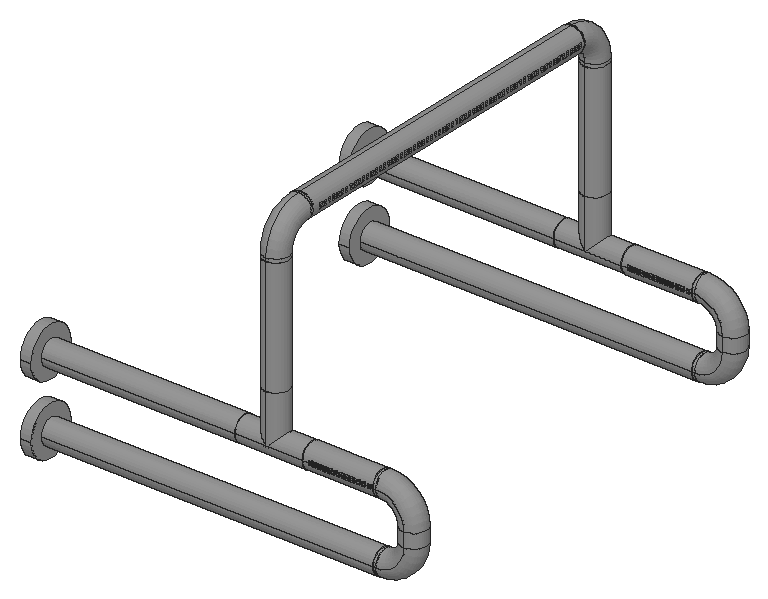
Revit family "Tube Coated Handicap Grab Bar White_IN", category Pipe Accessories, Revit 2017 (continued)
Forms (mm)
  Extrusion 147, solid, material "NYLONS"
    sketch origin (0, 135.192, 2.506) x (0, 1, 0) y (0, 0, 1)
      loop
        spline (93.449, 414.289) -> (93.523, 414.405) -> (93.583, 414.523) -> (93.63, 414.644) -> (93.663, 414.766) -> (93.684, 414.89) -> (93.69, 415.016) -> (93.684, 415.144) -> (93.663, 415.274) -> (93.63, 415.407) -> (93.583, 415.541) -> (93.523, 415.677) -> (93.449, 415.815)
        line (93.449, 415.815) -> (90.004, 415.815)
    from 317.061 to 318.374
  Extrusion 148, solid, material "NYLONS"
    sketch origin (0, 135.192, -2.612) x (0, 1, 0) y (0, 0, 1)
      loop
        spline (90.004, 415.815) -> (89.912, 415.689) -> (89.837, 415.563) -> (89.779, 415.437) -> (89.737, 415.31) -> (89.712, 415.183) -> (89.703, 415.056) -> (89.712, 414.929) -> (89.737, 414.801) -> (89.779, 414.674) -> (89.837, 414.546) -> (89.912, 414.417) -> (90.004, 414.289)
        line (90.004, 414.289) -> (93.449, 414.289)
        spline (93.449, 414.289) -> (93.523, 414.405) -> (93.583, 414.523) -> (93.63, 414.644) -> (93.663, 414.766) -> (93.684, 414.89) -> (93.69, 415.016) -> (93.684, 415.144) -> (93.663, 415.274) -> (93.63, 415.407) -> (93.583, 415.541) -> (93.523, 415.677) -> (93.449, 415.815)
        line (93.449, 415.815) -> (90.004, 415.815)
    from 317.061 to 318.374
  Extrusion 149, solid, material "NYLONS"
    sketch origin (0, 142.868, 0) x (0, 1, 0) y (0, 0, 1)
      loop
        spline (90.004, 415.815) -> (89.912, 415.689) -> (89.837, 415.563) -> (89.779, 415.437) -> (89.737, 415.31) -> (89.712, 415.183) -> (89.703, 415.056) -> (89.712, 414.929) -> (89.737, 414.801) -> (89.779, 414.674) -> (89.837, 414.546) -> (89.912, 414.417) -> (90.004, 414.289)
        line (90.004, 414.289) -> (93.449, 414.289)
        spline (93.449, 414.289) -> (93.523, 414.405) -> (93.583, 414.523) -> (93.63, 414.644) -> (93.663, 414.766) -> (93.684, 414.89) -> (93.69, 415.016) -> (93.684, 415.144) -> (93.663, 415.274) -> (93.63, 415.407) -> (93.583, 415.541) -> (93.523, 415.677) -> (93.449, 415.815)
        line (93.449, 415.815) -> (90.004, 415.815)
    from 317.061 to 318.374
  Extrusion 150, solid, material "NYLONS"
    sketch origin (0, 142.868, 2.506) x (0, 1, 0) y (0, 0, 1)
      loop
        spline (90.004, 415.815) -> (89.912, 415.689) -> (89.837, 415.563) -> (89.779, 415.437) -> (89.737, 415.31) -> (89.712, 415.183) -> (89.703, 415.056) -> (89.712, 414.929) -> (89.737, 414.801) -> (89.779, 414.674) -> (89.837, 414.546) -> (89.912, 414.417) -> (90.004, 414.289)
        line (90.004, 414.289) -> (93.449, 414.289)
        spline (93.449, 414.289) -> (93.523, 414.405) -> (93.583, 414.523) -> (93.63, 414.644) -> (93.663, 414.766) -> (93.684, 414.89) -> (93.69, 415.016) -> (93.684, 415.144) -> (93.663, 415.274) -> (93.63, 415.407) -> (93.583, 415.541) -> (93.523, 415.677) -> (93.449, 415.815)
        line (93.449, 415.815) -> (90.004, 415.815)
    from 317.061 to 318.374
  Extrusion 151, solid, material "NYLONS"
    sketch origin (0, 142.868, -2.612) x (0, 1, 0) y (0, 0, 1)
      loop
        spline (90.004, 415.815) -> (89.912, 415.689) -> (89.837, 415.563) -> (89.779, 415.437) -> (89.737, 415.31) -> (89.712, 415.183) -> (89.703, 415.056) -> (89.712, 414.929) -> (89.737, 414.801) -> (89.779, 414.674) -> (89.837, 414.546) -> (89.912, 414.417) -> (90.004, 414.289)
        line (90.004, 414.289) -> (93.449, 414.289)
        spline (93.449, 414.289) -> (93.523, 414.405) -> (93.583, 414.523) -> (93.63, 414.644) -> (93.663, 414.766) -> (93.684, 414.89) -> (93.69, 415.016) -> (93.684, 415.144) -> (93.663, 415.274) -> (93.63, 415.407) -> (93.583, 415.541) -> (93.523, 415.677) -> (93.449, 415.815)
        line (93.449, 415.815) -> (90.004, 415.815)
    from 317.061 to 318.374
  Extrusion 152, solid, material "NYLONS"
    sketch origin (0, 150.461, 0) x (0, 1, 0) y (0, 0, 1)
      loop
        spline (90.004, 415.815) -> (89.912, 415.689) -> (89.837, 415.563) -> (89.779, 415.437) -> (89.737, 415.31) -> (89.712, 415.183) -> (89.703, 415.056) -> (89.712, 414.929) -> (89.737, 414.801) -> (89.779, 414.674) -> (89.837, 414.546) -> (89.912, 414.417) -> (90.004, 414.289)
        line (90.004, 414.289) -> (93.449, 414.289)
        spline (93.449, 414.289) -> (93.523, 414.405) -> (93.583, 414.523) -> (93.63, 414.644) -> (93.663, 414.766) -> (93.684, 414.89) -> (93.69, 415.016) -> (93.684, 415.144) -> (93.663, 415.274) -> (93.63, 415.407) -> (93.583, 415.541) -> (93.523, 415.677) -> (93.449, 415.815)
        line (93.449, 415.815) -> (90.004, 415.815)
    from 317.061 to 318.374
  Extrusion 153, solid, material "NYLONS"
    sketch origin (0, 150.461, 2.506) x (0, 1, 0) y (0, 0, 1)
      loop
        spline (90.004, 415.815) -> (89.912, 415.689) -> (89.837, 415.563) -> (89.779, 415.437) -> (89.737, 415.31) -> (89.712, 415.183) -> (89.703, 415.056) -> (89.712, 414.929) -> (89.737, 414.801) -> (89.779, 414.674) -> (89.837, 414.546) -> (89.912, 414.417) -> (90.004, 414.289)
        line (90.004, 414.289) -> (93.449, 414.289)
        spline (93.449, 414.289) -> (93.523, 414.405) -> (93.583, 414.523) -> (93.63, 414.644) -> (93.663, 414.766) -> (93.684, 414.89) -> (93.69, 415.016) -> (93.684, 415.144) -> (93.663, 415.274) -> (93.63, 415.407) -> (93.583, 415.541) -> (93.523, 415.677) -> (93.449, 415.815)
        line (93.449, 415.815) -> (90.004, 415.815)
    from 317.061 to 318.374
  Extrusion 154, solid, material "NYLONS"
    sketch origin (0, 150.461, -2.612) x (0, 1, 0) y (0, 0, 1)
      loop
        spline (90.004, 415.815) -> (89.912, 415.689) -> (89.837, 415.563) -> (89.779, 415.437) -> (89.737, 415.31) -> (89.712, 415.183) -> (89.703, 415.056) -> (89.712, 414.929) -> (89.737, 414.801) -> (89.779, 414.674) -> (89.837, 414.546) -> (89.912, 414.417) -> (90.004, 414.289)
        line (90.004, 414.289) -> (93.449, 414.289)
        spline (93.449, 414.289) -> (93.523, 414.405) -> (93.583, 414.523) -> (93.63, 414.644) -> (93.663, 414.766) -> (93.684, 414.89) -> (93.69, 415.016) -> (93.684, 415.144) -> (93.663, 415.274) -> (93.63, 415.407) -> (93.583, 415.541) -> (93.523, 415.677) -> (93.449, 415.815)
        line (93.449, 415.815) -> (90.004, 415.815)
    from 317.061 to 318.374
  Extrusion 155, solid, material "NYLONS"
    sketch origin (0, 158.055, 0) x (0, 1, 0) y (0, 0, 1)
      loop
        spline (90.004, 415.815) -> (89.912, 415.689) -> (89.837, 415.563) -> (89.779, 415.437) -> (89.737, 415.31) -> (89.712, 415.183) -> (89.703, 415.056) -> (89.712, 414.929) -> (89.737, 414.801) -> (89.779, 414.674) -> (89.837, 414.546) -> (89.912, 414.417) -> (90.004, 414.289)
        line (90.004, 414.289) -> (93.449, 414.289)
        spline (93.449, 414.289) -> (93.523, 414.405) -> (93.583, 414.523) -> (93.63, 414.644) -> (93.663, 414.766) -> (93.684, 414.89) -> (93.69, 415.016) -> (93.684, 415.144) -> (93.663, 415.274) -> (93.63, 415.407) -> (93.583, 415.541) -> (93.523, 415.677) -> (93.449, 415.815)
        line (93.449, 415.815) -> (90.004, 415.815)
    from 317.061 to 318.374
  Extrusion 156, solid, material "NYLONS"
    sketch origin (0, 158.055, 2.506) x (0, 1, 0) y (0, 0, 1)
      loop
        spline (90.004, 415.815) -> (89.912, 415.689) -> (89.837, 415.563) -> (89.779, 415.437) -> (89.737, 415.31) -> (89.712, 415.183) -> (89.703, 415.056) -> (89.712, 414.929) -> (89.737, 414.801) -> (89.779, 414.674) -> (89.837, 414.546) -> (89.912, 414.417) -> (90.004, 414.289)
        line (90.004, 414.289) -> (93.449, 414.289)
        spline (93.449, 414.289) -> (93.523, 414.405) -> (93.583, 414.523) -> (93.63, 414.644) -> (93.663, 414.766) -> (93.684, 414.89) -> (93.69, 415.016) -> (93.684, 415.144) -> (93.663, 415.274) -> (93.63, 415.407) -> (93.583, 415.541) -> (93.523, 415.677) -> (93.449, 415.815)
        line (93.449, 415.815) -> (90.004, 415.815)
    from 317.061 to 318.374
  Extrusion 157, solid, material "NYLONS"
    sketch origin (0, 158.055, -2.612) x (0, 1, 0) y (0, 0, 1)
      loop
        spline (90.004, 415.815) -> (89.912, 415.689) -> (89.837, 415.563) -> (89.779, 415.437) -> (89.737, 415.31) -> (89.712, 415.183) -> (89.703, 415.056) -> (89.712, 414.929) -> (89.737, 414.801) -> (89.779, 414.674) -> (89.837, 414.546) -> (89.912, 414.417) -> (90.004, 414.289)
        line (90.004, 414.289) -> (93.449, 414.289)
        spline (93.449, 414.289) -> (93.523, 414.405) -> (93.583, 414.523) -> (93.63, 414.644) -> (93.663, 414.766) -> (93.684, 414.89) -> (93.69, 415.016) -> (93.684, 415.144) -> (93.663, 415.274) -> (93.63, 415.407) -> (93.583, 415.541) -> (93.523, 415.677) -> (93.449, 415.815)
        line (93.449, 415.815) -> (90.004, 415.815)
    from 317.061 to 318.374
  Extrusion 158, solid, material "NYLONS"
    sketch origin (0, 165.73, 0) x (0, 1, 0) y (0, 0, 1)
      loop
        spline (90.004, 415.815) -> (89.912, 415.689) -> (89.837, 415.563) -> (89.779, 415.437) -> (89.737, 415.31) -> (89.712, 415.183) -> (89.703, 415.056) -> (89.712, 414.929) -> (89.737, 414.801) -> (89.779, 414.674) -> (89.837, 414.546) -> (89.912, 414.417) -> (90.004, 414.289)
        line (90.004, 414.289) -> (93.449, 414.289)
        spline (93.449, 414.289) -> (93.523, 414.405) -> (93.583, 414.523) -> (93.63, 414.644) -> (93.663, 414.766) -> (93.684, 414.89) -> (93.69, 415.016) -> (93.684, 415.144) -> (93.663, 415.274) -> (93.63, 415.407) -> (93.583, 415.541) -> (93.523, 415.677) -> (93.449, 415.815)
        line (93.449, 415.815) -> (90.004, 415.815)
    from 317.061 to 318.374
  Extrusion 159, solid, material "NYLONS"
    sketch origin (0, 165.73, 2.506) x (0, 1, 0) y (0, 0, 1)
      loop
        spline (90.004, 415.815) -> (89.912, 415.689) -> (89.837, 415.563) -> (89.779, 415.437) -> (89.737, 415.31) -> (89.712, 415.183) -> (89.703, 415.056) -> (89.712, 414.929) -> (89.737, 414.801) -> (89.779, 414.674) -> (89.837, 414.546) -> (89.912, 414.417) -> (90.004, 414.289)
        line (90.004, 414.289) -> (93.449, 414.289)
        spline (93.449, 414.289) -> (93.523, 414.405) -> (93.583, 414.523) -> (93.63, 414.644) -> (93.663, 414.766) -> (93.684, 414.89) -> (93.69, 415.016) -> (93.684, 415.144) -> (93.663, 415.274) -> (93.63, 415.407) -> (93.583, 415.541) -> (93.523, 415.677) -> (93.449, 415.815)
        line (93.449, 415.815) -> (90.004, 415.815)
    from 317.061 to 318.374
  Extrusion 160, solid, material "NYLONS"
    sketch origin (0, 165.73, -2.612) x (0, 1, 0) y (0, 0, 1)
      loop
        spline (90.004, 415.815) -> (89.912, 415.689) -> (89.837, 415.563) -> (89.779, 415.437) -> (89.737, 415.31) -> (89.712, 415.183) -> (89.703, 415.056) -> (89.712, 414.929) -> (89.737, 414.801) -> (89.779, 414.674) -> (89.837, 414.546) -> (89.912, 414.417) -> (90.004, 414.289)
        line (90.004, 414.289) -> (93.449, 414.289)
        spline (93.449, 414.289) -> (93.523, 414.405) -> (93.583, 414.523) -> (93.63, 414.644) -> (93.663, 414.766) -> (93.684, 414.89) -> (93.69, 415.016) -> (93.684, 415.144) -> (93.663, 415.274) -> (93.63, 415.407) -> (93.583, 415.541) -> (93.523, 415.677) -> (93.449, 415.815)
        line (93.449, 415.815) -> (90.004, 415.815)
    from 317.061 to 318.374
  Extrusion 161, solid, material "NYLONS"
    sketch origin (0, 173.324, 0) x (0, 1, 0) y (0, 0, 1)
      loop
        spline (90.004, 415.815) -> (89.912, 415.689) -> (89.837, 415.563) -> (89.779, 415.437) -> (89.737, 415.31) -> (89.712, 415.183) -> (89.703, 415.056) -> (89.712, 414.929) -> (89.737, 414.801) -> (89.779, 414.674) -> (89.837, 414.546) -> (89.912, 414.417) -> (90.004, 414.289)
        line (90.004, 414.289) -> (93.449, 414.289)
        spline (93.449, 414.289) -> (93.523, 414.405) -> (93.583, 414.523) -> (93.63, 414.644) -> (93.663, 414.766) -> (93.684, 414.89) -> (93.69, 415.016) -> (93.684, 415.144) -> (93.663, 415.274) -> (93.63, 415.407) -> (93.583, 415.541) -> (93.523, 415.677) -> (93.449, 415.815)
        line (93.449, 415.815) -> (90.004, 415.815)
    from 317.061 to 318.374
  Extrusion 162, solid, material "NYLONS"
    sketch origin (0, 173.324, 2.506) x (0, 1, 0) y (0, 0, 1)
      loop
        spline (90.004, 415.815) -> (89.912, 415.689) -> (89.837, 415.563) -> (89.779, 415.437) -> (89.737, 415.31) -> (89.712, 415.183) -> (89.703, 415.056) -> (89.712, 414.929) -> (89.737, 414.801) -> (89.779, 414.674) -> (89.837, 414.546) -> (89.912, 414.417) -> (90.004, 414.289)
        line (90.004, 414.289) -> (93.449, 414.289)
        spline (93.449, 414.289) -> (93.523, 414.405) -> (93.583, 414.523) -> (93.63, 414.644) -> (93.663, 414.766) -> (93.684, 414.89) -> (93.69, 415.016) -> (93.684, 415.144) -> (93.663, 415.274) -> (93.63, 415.407) -> (93.583, 415.541) -> (93.523, 415.677) -> (93.449, 415.815)
        line (93.449, 415.815) -> (90.004, 415.815)
    from 317.061 to 318.374
  Extrusion 163, solid, material "NYLONS"
    sketch origin (0, 173.324, -2.612) x (0, 1, 0) y (0, 0, 1)
      loop
        spline (90.004, 415.815) -> (89.912, 415.689) -> (89.837, 415.563) -> (89.779, 415.437) -> (89.737, 415.31) -> (89.712, 415.183) -> (89.703, 415.056) -> (89.712, 414.929) -> (89.737, 414.801) -> (89.779, 414.674) -> (89.837, 414.546) -> (89.912, 414.417) -> (90.004, 414.289)
        line (90.004, 414.289) -> (93.449, 414.289)
        spline (93.449, 414.289) -> (93.523, 414.405) -> (93.583, 414.523) -> (93.63, 414.644) -> (93.663, 414.766) -> (93.684, 414.89) -> (93.69, 415.016) -> (93.684, 415.144) -> (93.663, 415.274) -> (93.63, 415.407) -> (93.583, 415.541) -> (93.523, 415.677) -> (93.449, 415.815)
        line (93.449, 415.815) -> (90.004, 415.815)
    from 317.061 to 318.374
  Extrusion 164, solid, material "NYLONS"
    sketch origin (0, 181.164, 0) x (0, 1, 0) y (0, 0, 1)
      loop
        spline (90.004, 415.815) -> (89.912, 415.689) -> (89.837, 415.563) -> (89.779, 415.437) -> (89.737, 415.31) -> (89.712, 415.183) -> (89.703, 415.056) -> (89.712, 414.929) -> (89.737, 414.801) -> (89.779, 414.674) -> (89.837, 414.546) -> (89.912, 414.417) -> (90.004, 414.289)
        line (90.004, 414.289) -> (93.449, 414.289)
        spline (93.449, 414.289) -> (93.523, 414.405) -> (93.583, 414.523) -> (93.63, 414.644) -> (93.663, 414.766) -> (93.684, 414.89) -> (93.69, 415.016) -> (93.684, 415.144) -> (93.663, 415.274) -> (93.63, 415.407) -> (93.583, 415.541) -> (93.523, 415.677) -> (93.449, 415.815)
        line (93.449, 415.815) -> (90.004, 415.815)
    from 317.061 to 318.374
  Extrusion 165, solid, material "NYLONS"
    sketch origin (0, 181.164, 2.506) x (0, 1, 0) y (0, 0, 1)
      loop
        spline (90.004, 415.815) -> (89.912, 415.689) -> (89.837, 415.563) -> (89.779, 415.437) -> (89.737, 415.31) -> (89.712, 415.183) -> (89.703, 415.056) -> (89.712, 414.929) -> (89.737, 414.801) -> (89.779, 414.674) -> (89.837, 414.546) -> (89.912, 414.417) -> (90.004, 414.289)
        line (90.004, 414.289) -> (93.449, 414.289)
        spline (93.449, 414.289) -> (93.523, 414.405) -> (93.583, 414.523) -> (93.63, 414.644) -> (93.663, 414.766) -> (93.684, 414.89) -> (93.69, 415.016) -> (93.684, 415.144) -> (93.663, 415.274) -> (93.63, 415.407) -> (93.583, 415.541) -> (93.523, 415.677) -> (93.449, 415.815)
        line (93.449, 415.815) -> (90.004, 415.815)
    from 317.061 to 318.374
  Extrusion 166, solid, material "NYLONS"
    sketch origin (0, 181.164, -2.612) x (0, 1, 0) y (0, 0, 1)
      loop
        spline (90.004, 415.815) -> (89.912, 415.689) -> (89.837, 415.563) -> (89.779, 415.437) -> (89.737, 415.31) -> (89.712, 415.183) -> (89.703, 415.056) -> (89.712, 414.929) -> (89.737, 414.801) -> (89.779, 414.674) -> (89.837, 414.546) -> (89.912, 414.417) -> (90.004, 414.289)
        line (90.004, 414.289) -> (93.449, 414.289)
        spline (93.449, 414.289) -> (93.523, 414.405) -> (93.583, 414.523) -> (93.63, 414.644) -> (93.663, 414.766) -> (93.684, 414.89) -> (93.69, 415.016) -> (93.684, 415.144) -> (93.663, 415.274) -> (93.63, 415.407) -> (93.583, 415.541) -> (93.523, 415.677) -> (93.449, 415.815)
        line (93.449, 415.815) -> (90.004, 415.815)
    from 317.061 to 318.374
  Extrusion 167, solid, material "NYLONS"
    sketch origin (0, 188.593, 0) x (0, 1, 0) y (0, 0, 1)
      loop
        spline (90.004, 415.815) -> (89.912, 415.689) -> (89.837, 415.563) -> (89.779, 415.437) -> (89.737, 415.31) -> (89.712, 415.183) -> (89.703, 415.056) -> (89.712, 414.929) -> (89.737, 414.801) -> (89.779, 414.674) -> (89.837, 414.546) -> (89.912, 414.417) -> (90.004, 414.289)
        line (90.004, 414.289) -> (93.449, 414.289)
        spline (93.449, 414.289) -> (93.523, 414.405) -> (93.583, 414.523) -> (93.63, 414.644) -> (93.663, 414.766) -> (93.684, 414.89) -> (93.69, 415.016) -> (93.684, 415.144) -> (93.663, 415.274) -> (93.63, 415.407) -> (93.583, 415.541) -> (93.523, 415.677) -> (93.449, 415.815)
        line (93.449, 415.815) -> (90.004, 415.815)
    from 317.061 to 318.374
  Extrusion 168, solid, material "NYLONS"
    sketch origin (0, 188.593, 2.506) x (0, 1, 0) y (0, 0, 1)
      loop
        spline (90.004, 415.815) -> (89.912, 415.689) -> (89.837, 415.563) -> (89.779, 415.437) -> (89.737, 415.31) -> (89.712, 415.183) -> (89.703, 415.056) -> (89.712, 414.929) -> (89.737, 414.801) -> (89.779, 414.674) -> (89.837, 414.546) -> (89.912, 414.417) -> (90.004, 414.289)
        line (90.004, 414.289) -> (93.449, 414.289)
        spline (93.449, 414.289) -> (93.523, 414.405) -> (93.583, 414.523) -> (93.63, 414.644) -> (93.663, 414.766) -> (93.684, 414.89) -> (93.69, 415.016) -> (93.684, 415.144) -> (93.663, 415.274) -> (93.63, 415.407) -> (93.583, 415.541) -> (93.523, 415.677) -> (93.449, 415.815)
        line (93.449, 415.815) -> (90.004, 415.815)
    from 317.061 to 318.374
  Extrusion 169, solid, material "NYLONS"
    sketch origin (0, 188.593, -2.612) x (0, 1, 0) y (0, 0, 1)
      loop
        spline (90.004, 415.815) -> (89.912, 415.689) -> (89.837, 415.563) -> (89.779, 415.437) -> (89.737, 415.31) -> (89.712, 415.183) -> (89.703, 415.056) -> (89.712, 414.929) -> (89.737, 414.801) -> (89.779, 414.674) -> (89.837, 414.546) -> (89.912, 414.417) -> (90.004, 414.289)
        line (90.004, 414.289) -> (93.449, 414.289)
        spline (93.449, 414.289) -> (93.523, 414.405) -> (93.583, 414.523) -> (93.63, 414.644) -> (93.663, 414.766) -> (93.684, 414.89) -> (93.69, 415.016) -> (93.684, 415.144) -> (93.663, 415.274) -> (93.63, 415.407) -> (93.583, 415.541) -> (93.523, 415.677) -> (93.449, 415.815)
        line (93.449, 415.815) -> (90.004, 415.815)
    from 317.061 to 318.374
  Extrusion 170, solid, material "NYLONS"
    sketch origin (0, 195.773, 0) x (0, 1, 0) y (0, 0, 1)
      loop
        spline (90.004, 415.815) -> (89.912, 415.689) -> (89.837, 415.563) -> (89.779, 415.437) -> (89.737, 415.31) -> (89.712, 415.183) -> (89.703, 415.056) -> (89.712, 414.929) -> (89.737, 414.801) -> (89.779, 414.674) -> (89.837, 414.546) -> (89.912, 414.417) -> (90.004, 414.289)
        line (90.004, 414.289) -> (93.449, 414.289)
        spline (93.449, 414.289) -> (93.523, 414.405) -> (93.583, 414.523) -> (93.63, 414.644) -> (93.663, 414.766) -> (93.684, 414.89) -> (93.69, 415.016) -> (93.684, 415.144) -> (93.663, 415.274) -> (93.63, 415.407) -> (93.583, 415.541) -> (93.523, 415.677) -> (93.449, 415.815)
        line (93.449, 415.815) -> (90.004, 415.815)
    from 317.061 to 318.374
  Extrusion 171, solid, material "NYLONS"
    sketch origin (0, 195.773, 2.506) x (0, 1, 0) y (0, 0, 1)
      loop
        spline (90.004, 415.815) -> (89.912, 415.689) -> (89.837, 415.563) -> (89.779, 415.437) -> (89.737, 415.31) -> (89.712, 415.183) -> (89.703, 415.056) -> (89.712, 414.929) -> (89.737, 414.801) -> (89.779, 414.674) -> (89.837, 414.546) -> (89.912, 414.417) -> (90.004, 414.289)
        line (90.004, 414.289) -> (93.449, 414.289)
        spline (93.449, 414.289) -> (93.523, 414.405) -> (93.583, 414.523) -> (93.63, 414.644) -> (93.663, 414.766) -> (93.684, 414.89) -> (93.69, 415.016) -> (93.684, 415.144) -> (93.663, 415.274) -> (93.63, 415.407) -> (93.583, 415.541) -> (93.523, 415.677) -> (93.449, 415.815)
        line (93.449, 415.815) -> (90.004, 415.815)
    from 317.061 to 318.374
  Extrusion 172, solid, material "NYLONS"
    sketch origin (0, 195.773, -2.612) x (0, 1, 0) y (0, 0, 1)
      loop
        spline (90.004, 415.815) -> (89.912, 415.689) -> (89.837, 415.563) -> (89.779, 415.437) -> (89.737, 415.31) -> (89.712, 415.183) -> (89.703, 415.056) -> (89.712, 414.929) -> (89.737, 414.801) -> (89.779, 414.674) -> (89.837, 414.546) -> (89.912, 414.417) -> (90.004, 414.289)
        line (90.004, 414.289) -> (93.449, 414.289)
        spline (93.449, 414.289) -> (93.523, 414.405) -> (93.583, 414.523) -> (93.63, 414.644) -> (93.663, 414.766) -> (93.684, 414.89) -> (93.69, 415.016) -> (93.684, 415.144) -> (93.663, 415.274) -> (93.63, 415.407) -> (93.583, 415.541) -> (93.523, 415.677) -> (93.449, 415.815)
        line (93.449, 415.815) -> (90.004, 415.815)
    from 317.061 to 318.374
  Extrusion 173, solid, material "NYLONS"
    sketch origin (0, 202.954, 0) x (0, 1, 0) y (0, 0, 1)
      loop
        spline (90.004, 415.815) -> (89.912, 415.689) -> (89.837, 415.563) -> (89.779, 415.437) -> (89.737, 415.31) -> (89.712, 415.183) -> (89.703, 415.056) -> (89.712, 414.929) -> (89.737, 414.801) -> (89.779, 414.674) -> (89.837, 414.546) -> (89.912, 414.417) -> (90.004, 414.289)
        line (90.004, 414.289) -> (93.449, 414.289)
        spline (93.449, 414.289) -> (93.523, 414.405) -> (93.583, 414.523) -> (93.63, 414.644) -> (93.663, 414.766) -> (93.684, 414.89) -> (93.69, 415.016) -> (93.684, 415.144) -> (93.663, 415.274) -> (93.63, 415.407) -> (93.583, 415.541) -> (93.523, 415.677) -> (93.449, 415.815)
        line (93.449, 415.815) -> (90.004, 415.815)
    from 317.061 to 318.374
  Extrusion 174, solid, material "NYLONS"
    sketch origin (0, 202.954, 2.506) x (0, 1, 0) y (0, 0, 1)
      loop
        spline (90.004, 415.815) -> (89.912, 415.689) -> (89.837, 415.563) -> (89.779, 415.437) -> (89.737, 415.31) -> (89.712, 415.183) -> (89.703, 415.056) -> (89.712, 414.929) -> (89.737, 414.801) -> (89.779, 414.674) -> (89.837, 414.546) -> (89.912, 414.417) -> (90.004, 414.289)
        line (90.004, 414.289) -> (93.449, 414.289)
        spline (93.449, 414.289) -> (93.523, 414.405) -> (93.583, 414.523) -> (93.63, 414.644) -> (93.663, 414.766) -> (93.684, 414.89) -> (93.69, 415.016) -> (93.684, 415.144) -> (93.663, 415.274) -> (93.63, 415.407) -> (93.583, 415.541) -> (93.523, 415.677) -> (93.449, 415.815)
        line (93.449, 415.815) -> (90.004, 415.815)
    from 317.061 to 318.374
  Extrusion 175, solid, material "NYLONS"
    sketch origin (0, 202.954, -2.612) x (0, 1, 0) y (0, 0, 1)
      loop
        spline (90.004, 415.815) -> (89.912, 415.689) -> (89.837, 415.563) -> (89.779, 415.437) -> (89.737, 415.31) -> (89.712, 415.183) -> (89.703, 415.056) -> (89.712, 414.929) -> (89.737, 414.801) -> (89.779, 414.674) -> (89.837, 414.546) -> (89.912, 414.417) -> (90.004, 414.289)
        line (90.004, 414.289) -> (93.449, 414.289)
        spline (93.449, 414.289) -> (93.523, 414.405) -> (93.583, 414.523) -> (93.63, 414.644) -> (93.663, 414.766) -> (93.684, 414.89) -> (93.69, 415.016) -> (93.684, 415.144) -> (93.663, 415.274) -> (93.63, 415.407) -> (93.583, 415.541) -> (93.523, 415.677) -> (93.449, 415.815)
        line (93.449, 415.815) -> (90.004, 415.815)
    from 317.061 to 318.374
  Extrusion 176, solid, material "NYLONS"
    sketch origin (0, 210.382, 0) x (0, 1, 0) y (0, 0, 1)
      loop
        spline (90.004, 415.815) -> (89.912, 415.689) -> (89.837, 415.563) -> (89.779, 415.437) -> (89.737, 415.31) -> (89.712, 415.183) -> (89.703, 415.056) -> (89.712, 414.929) -> (89.737, 414.801) -> (89.779, 414.674) -> (89.837, 414.546) -> (89.912, 414.417) -> (90.004, 414.289)
        line (90.004, 414.289) -> (93.449, 414.289)
        spline (93.449, 414.289) -> (93.523, 414.405) -> (93.583, 414.523) -> (93.63, 414.644) -> (93.663, 414.766) -> (93.684, 414.89) -> (93.69, 415.016) -> (93.684, 415.144) -> (93.663, 415.274) -> (93.63, 415.407) -> (93.583, 415.541) -> (93.523, 415.677) -> (93.449, 415.815)
        line (93.449, 415.815) -> (90.004, 415.815)
    from 317.061 to 318.374
  Extrusion 177, solid, material "NYLONS"
    sketch origin (0, 210.382, 2.506) x (0, 1, 0) y (0, 0, 1)
      loop
        spline (90.004, 415.815) -> (89.912, 415.689) -> (89.837, 415.563) -> (89.779, 415.437) -> (89.737, 415.31) -> (89.712, 415.183) -> (89.703, 415.056) -> (89.712, 414.929) -> (89.737, 414.801) -> (89.779, 414.674) -> (89.837, 414.546) -> (89.912, 414.417) -> (90.004, 414.289)
        line (90.004, 414.289) -> (93.449, 414.289)
        spline (93.449, 414.289) -> (93.523, 414.405) -> (93.583, 414.523) -> (93.63, 414.644) -> (93.663, 414.766) -> (93.684, 414.89) -> (93.69, 415.016) -> (93.684, 415.144) -> (93.663, 415.274) -> (93.63, 415.407) -> (93.583, 415.541) -> (93.523, 415.677) -> (93.449, 415.815)
        line (93.449, 415.815) -> (90.004, 415.815)
    from 317.061 to 318.374
  Extrusion 178, solid, material "NYLONS"
    sketch origin (0, 210.382, -2.612) x (0, 1, 0) y (0, 0, 1)
      loop
        spline (90.004, 415.815) -> (89.912, 415.689) -> (89.837, 415.563) -> (89.779, 415.437) -> (89.737, 415.31) -> (89.712, 415.183) -> (89.703, 415.056) -> (89.712, 414.929) -> (89.737, 414.801) -> (89.779, 414.674) -> (89.837, 414.546) -> (89.912, 414.417) -> (90.004, 414.289)
        line (90.004, 414.289) -> (93.449, 414.289)
        spline (93.449, 414.289) -> (93.523, 414.405) -> (93.583, 414.523) -> (93.63, 414.644) -> (93.663, 414.766) -> (93.684, 414.89) -> (93.69, 415.016) -> (93.684, 415.144) -> (93.663, 415.274) -> (93.63, 415.407) -> (93.583, 415.541) -> (93.523, 415.677) -> (93.449, 415.815)
        line (93.449, 415.815) -> (90.004, 415.815)
    from 317.061 to 318.374
  Extrusion 179, solid, material "NYLONS"
    sketch origin (0, 218.058, 0) x (0, 1, 0) y (0, 0, 1)
      loop
        spline (90.004, 415.815) -> (89.912, 415.689) -> (89.837, 415.563) -> (89.779, 415.437) -> (89.737, 415.31) -> (89.712, 415.183) -> (89.703, 415.056) -> (89.712, 414.929) -> (89.737, 414.801) -> (89.779, 414.674) -> (89.837, 414.546) -> (89.912, 414.417) -> (90.004, 414.289)
        line (90.004, 414.289) -> (93.449, 414.289)
        spline (93.449, 414.289) -> (93.523, 414.405) -> (93.583, 414.523) -> (93.63, 414.644) -> (93.663, 414.766) -> (93.684, 414.89) -> (93.69, 415.016) -> (93.684, 415.144) -> (93.663, 415.274) -> (93.63, 415.407) -> (93.583, 415.541) -> (93.523, 415.677) -> (93.449, 415.815)
        line (93.449, 415.815) -> (90.004, 415.815)
    from 317.061 to 318.374
  Extrusion 180, solid, material "NYLONS"
    sketch origin (0, 218.058, 2.506) x (0, 1, 0) y (0, 0, 1)
      loop
        spline (90.004, 415.815) -> (89.912, 415.689) -> (89.837, 415.563) -> (89.779, 415.437) -> (89.737, 415.31) -> (89.712, 415.183) -> (89.703, 415.056) -> (89.712, 414.929) -> (89.737, 414.801) -> (89.779, 414.674) -> (89.837, 414.546) -> (89.912, 414.417) -> (90.004, 414.289)
        line (90.004, 414.289) -> (93.449, 414.289)
        spline (93.449, 414.289) -> (93.523, 414.405) -> (93.583, 414.523) -> (93.63, 414.644) -> (93.663, 414.766) -> (93.684, 414.89) -> (93.69, 415.016) -> (93.684, 415.144) -> (93.663, 415.274) -> (93.63, 415.407) -> (93.583, 415.541) -> (93.523, 415.677) -> (93.449, 415.815)
        line (93.449, 415.815) -> (90.004, 415.815)
    from 317.061 to 318.374
  Extrusion 181, solid, material "NYLONS"
    sketch origin (0, 218.058, -2.612) x (0, 1, 0) y (0, 0, 1)
      loop
        spline (90.004, 415.815) -> (89.912, 415.689) -> (89.837, 415.563) -> (89.779, 415.437) -> (89.737, 415.31) -> (89.712, 415.183) -> (89.703, 415.056) -> (89.712, 414.929) -> (89.737, 414.801) -> (89.779, 414.674) -> (89.837, 414.546) -> (89.912, 414.417) -> (90.004, 414.289)
        line (90.004, 414.289) -> (93.449, 414.289)
        spline (93.449, 414.289) -> (93.523, 414.405) -> (93.583, 414.523) -> (93.63, 414.644) -> (93.663, 414.766) -> (93.684, 414.89) -> (93.69, 415.016) -> (93.684, 415.144) -> (93.663, 415.274) -> (93.63, 415.407) -> (93.583, 415.541) -> (93.523, 415.677) -> (93.449, 415.815)
        line (93.449, 415.815) -> (90.004, 415.815)
    from 317.061 to 318.374
  Extrusion 182, solid, material "NYLONS"
    sketch origin (0, 225.568, 0) x (0, 1, 0) y (0, 0, 1)
      loop
        spline (90.004, 415.815) -> (89.912, 415.689) -> (89.837, 415.563) -> (89.779, 415.437) -> (89.737, 415.31) -> (89.712, 415.183) -> (89.703, 415.056) -> (89.712, 414.929) -> (89.737, 414.801) -> (89.779, 414.674) -> (89.837, 414.546) -> (89.912, 414.417) -> (90.004, 414.289)
        line (90.004, 414.289) -> (93.449, 414.289)
        spline (93.449, 414.289) -> (93.523, 414.405) -> (93.583, 414.523) -> (93.63, 414.644) -> (93.663, 414.766) -> (93.684, 414.89) -> (93.69, 415.016) -> (93.684, 415.144) -> (93.663, 415.274) -> (93.63, 415.407) -> (93.583, 415.541) -> (93.523, 415.677) -> (93.449, 415.815)
        line (93.449, 415.815) -> (90.004, 415.815)
    from 317.061 to 318.374
  Extrusion 183, solid, material "NYLONS"
    sketch origin (0, 225.568, 2.506) x (0, 1, 0) y (0, 0, 1)
      loop
        spline (90.004, 415.815) -> (89.912, 415.689) -> (89.837, 415.563) -> (89.779, 415.437) -> (89.737, 415.31) -> (89.712, 415.183) -> (89.703, 415.056) -> (89.712, 414.929) -> (89.737, 414.801) -> (89.779, 414.674) -> (89.837, 414.546) -> (89.912, 414.417) -> (90.004, 414.289)
        line (90.004, 414.289) -> (93.449, 414.289)
        spline (93.449, 414.289) -> (93.523, 414.405) -> (93.583, 414.523) -> (93.63, 414.644) -> (93.663, 414.766) -> (93.684, 414.89) -> (93.69, 415.016) -> (93.684, 415.144) -> (93.663, 415.274) -> (93.63, 415.407) -> (93.583, 415.541) -> (93.523, 415.677) -> (93.449, 415.815)
        line (93.449, 415.815) -> (90.004, 415.815)
    from 317.061 to 318.374
  Extrusion 184, solid, material "NYLONS"
    sketch origin (0, 225.568, -2.612) x (0, 1, 0) y (0, 0, 1)
      loop
        spline (90.004, 415.815) -> (89.912, 415.689) -> (89.837, 415.563) -> (89.779, 415.437) -> (89.737, 415.31) -> (89.712, 415.183) -> (89.703, 415.056) -> (89.712, 414.929) -> (89.737, 414.801) -> (89.779, 414.674) -> (89.837, 414.546) -> (89.912, 414.417) -> (90.004, 414.289)
        line (90.004, 414.289) -> (93.449, 414.289)
        spline (93.449, 414.289) -> (93.523, 414.405) -> (93.583, 414.523) -> (93.63, 414.644) -> (93.663, 414.766) -> (93.684, 414.89) -> (93.69, 415.016) -> (93.684, 415.144) -> (93.663, 415.274) -> (93.63, 415.407) -> (93.583, 415.541) -> (93.523, 415.677) -> (93.449, 415.815)
        line (93.449, 415.815) -> (90.004, 415.815)
    from 317.061 to 318.374
  Extrusion 185, solid, material "NYLONS"
    sketch origin (0, 232.976, 0) x (0, 1, 0) y (0, 0, 1)
      loop
        spline (90.004, 415.815) -> (89.912, 415.689) -> (89.837, 415.563) -> (89.779, 415.437) -> (89.737, 415.31) -> (89.712, 415.183) -> (89.703, 415.056) -> (89.712, 414.929) -> (89.737, 414.801) -> (89.779, 414.674) -> (89.837, 414.546) -> (89.912, 414.417) -> (90.004, 414.289)
        line (90.004, 414.289) -> (93.449, 414.289)
        spline (93.449, 414.289) -> (93.523, 414.405) -> (93.583, 414.523) -> (93.63, 414.644) -> (93.663, 414.766) -> (93.684, 414.89) -> (93.69, 415.016) -> (93.684, 415.144) -> (93.663, 415.274) -> (93.63, 415.407) -> (93.583, 415.541) -> (93.523, 415.677) -> (93.449, 415.815)
        line (93.449, 415.815) -> (90.004, 415.815)
    from 317.061 to 318.374
  Extrusion 186, solid, material "NYLONS"
    sketch origin (0, 232.976, 2.506) x (0, 1, 0) y (0, 0, 1)
      loop
        spline (90.004, 415.815) -> (89.912, 415.689) -> (89.837, 415.563) -> (89.779, 415.437) -> (89.737, 415.31) -> (89.712, 415.183) -> (89.703, 415.056) -> (89.712, 414.929) -> (89.737, 414.801) -> (89.779, 414.674) -> (89.837, 414.546) -> (89.912, 414.417) -> (90.004, 414.289)
        line (90.004, 414.289) -> (93.449, 414.289)
        spline (93.449, 414.289) -> (93.523, 414.405) -> (93.583, 414.523) -> (93.63, 414.644) -> (93.663, 414.766) -> (93.684, 414.89) -> (93.69, 415.016) -> (93.684, 415.144) -> (93.663, 415.274) -> (93.63, 415.407) -> (93.583, 415.541) -> (93.523, 415.677) -> (93.449, 415.815)
        line (93.449, 415.815) -> (90.004, 415.815)
    from 317.061 to 318.374
  Extrusion 187, solid, material "NYLONS"
    sketch origin (0, 232.976, -2.612) x (0, 1, 0) y (0, 0, 1)
      loop
        spline (90.004, 415.815) -> (89.912, 415.689) -> (89.837, 415.563) -> (89.779, 415.437) -> (89.737, 415.31) -> (89.712, 415.183) -> (89.703, 415.056) -> (89.712, 414.929) -> (89.737, 414.801) -> (89.779, 414.674) -> (89.837, 414.546) -> (89.912, 414.417) -> (90.004, 414.289)
        line (90.004, 414.289) -> (93.449, 414.289)
        spline (93.449, 414.289) -> (93.523, 414.405) -> (93.583, 414.523) -> (93.63, 414.644) -> (93.663, 414.766) -> (93.684, 414.89) -> (93.69, 415.016) -> (93.684, 415.144) -> (93.663, 415.274) -> (93.63, 415.407) -> (93.583, 415.541) -> (93.523, 415.677) -> (93.449, 415.815)
        line (93.449, 415.815) -> (90.004, 415.815)
    from 317.061 to 318.374
  Extrusion 188, solid, material "NYLONS"
    sketch origin (0, 240.584, 0) x (0, 1, 0) y (0, 0, 1)
      loop
        spline (90.004, 415.815) -> (89.912, 415.689) -> (89.837, 415.563) -> (89.779, 415.437) -> (89.737, 415.31) -> (89.712, 415.183) -> (89.703, 415.056) -> (89.712, 414.929) -> (89.737, 414.801) -> (89.779, 414.674) -> (89.837, 414.546) -> (89.912, 414.417) -> (90.004, 414.289)
        line (90.004, 414.289) -> (93.449, 414.289)
        spline (93.449, 414.289) -> (93.523, 414.405) -> (93.583, 414.523) -> (93.63, 414.644) -> (93.663, 414.766) -> (93.684, 414.89) -> (93.69, 415.016) -> (93.684, 415.144) -> (93.663, 415.274) -> (93.63, 415.407) -> (93.583, 415.541) -> (93.523, 415.677) -> (93.449, 415.815)
        line (93.449, 415.815) -> (90.004, 415.815)
    from 317.061 to 318.374
  Extrusion 189, solid, material "NYLONS"
    sketch origin (0, 240.584, 2.506) x (0, 1, 0) y (0, 0, 1)
      loop
        spline (90.004, 415.815) -> (89.912, 415.689) -> (89.837, 415.563) -> (89.779, 415.437) -> (89.737, 415.31) -> (89.712, 415.183) -> (89.703, 415.056) -> (89.712, 414.929) -> (89.737, 414.801) -> (89.779, 414.674) -> (89.837, 414.546) -> (89.912, 414.417) -> (90.004, 414.289)
        line (90.004, 414.289) -> (93.449, 414.289)
        spline (93.449, 414.289) -> (93.523, 414.405) -> (93.583, 414.523) -> (93.63, 414.644) -> (93.663, 414.766) -> (93.684, 414.89) -> (93.69, 415.016) -> (93.684, 415.144) -> (93.663, 415.274) -> (93.63, 415.407) -> (93.583, 415.541) -> (93.523, 415.677) -> (93.449, 415.815)
        line (93.449, 415.815) -> (90.004, 415.815)
    from 317.061 to 318.374
  Extrusion 190, solid, material "NYLONS"
    sketch origin (0, 240.584, -2.612) x (0, 1, 0) y (0, 0, 1)
      loop
        spline (90.004, 415.815) -> (89.912, 415.689) -> (89.837, 415.563) -> (89.779, 415.437) -> (89.737, 415.31) -> (89.712, 415.183) -> (89.703, 415.056) -> (89.712, 414.929) -> (89.737, 414.801) -> (89.779, 414.674) -> (89.837, 414.546) -> (89.912, 414.417) -> (90.004, 414.289)
        line (90.004, 414.289) -> (93.449, 414.289)
        spline (93.449, 414.289) -> (93.523, 414.405) -> (93.583, 414.523) -> (93.63, 414.644) -> (93.663, 414.766) -> (93.684, 414.89) -> (93.69, 415.016) -> (93.684, 415.144) -> (93.663, 415.274) -> (93.63, 415.407) -> (93.583, 415.541) -> (93.523, 415.677) -> (93.449, 415.815)
        line (93.449, 415.815) -> (90.004, 415.815)
    from 317.061 to 318.374
  Extrusion 191, solid, material "NYLONS"
    sketch origin (0, 248.12, 0) x (0, 1, 0) y (0, 0, 1)
      loop
        spline (90.004, 415.815) -> (89.912, 415.689) -> (89.837, 415.563) -> (89.779, 415.437) -> (89.737, 415.31) -> (89.712, 415.183) -> (89.703, 415.056) -> (89.712, 414.929) -> (89.737, 414.801) -> (89.779, 414.674) -> (89.837, 414.546) -> (89.912, 414.417) -> (90.004, 414.289)
        line (90.004, 414.289) -> (93.449, 414.289)
        spline (93.449, 414.289) -> (93.523, 414.405) -> (93.583, 414.523) -> (93.63, 414.644) -> (93.663, 414.766) -> (93.684, 414.89) -> (93.69, 415.016) -> (93.684, 415.144) -> (93.663, 415.274) -> (93.63, 415.407) -> (93.583, 415.541) -> (93.523, 415.677) -> (93.449, 415.815)
        line (93.449, 415.815) -> (90.004, 415.815)
    from 317.061 to 318.374
  Extrusion 192, solid, material "NYLONS"
    sketch origin (0, 248.12, 2.506) x (0, 1, 0) y (0, 0, 1)
      loop
        spline (90.004, 415.815) -> (89.912, 415.689) -> (89.837, 415.563) -> (89.779, 415.437) -> (89.737, 415.31) -> (89.712, 415.183) -> (89.703, 415.056) -> (89.712, 414.929) -> (89.737, 414.801) -> (89.779, 414.674) -> (89.837, 414.546) -> (89.912, 414.417) -> (90.004, 414.289)
        line (90.004, 414.289) -> (93.449, 414.289)
        spline (93.449, 414.289) -> (93.523, 414.405) -> (93.583, 414.523) -> (93.63, 414.644) -> (93.663, 414.766) -> (93.684, 414.89) -> (93.69, 415.016) -> (93.684, 415.144) -> (93.663, 415.274) -> (93.63, 415.407) -> (93.583, 415.541) -> (93.523, 415.677) -> (93.449, 415.815)
        line (93.449, 415.815) -> (90.004, 415.815)
    from 317.061 to 318.374
  Extrusion 193, solid, material "NYLONS"
    sketch origin (0, 248.12, -2.612) x (0, 1, 0) y (0, 0, 1)
      loop
        spline (90.004, 415.815) -> (89.912, 415.689) -> (89.837, 415.563) -> (89.779, 415.437) -> (89.737, 415.31) -> (89.712, 415.183) -> (89.703, 415.056) -> (89.712, 414.929) -> (89.737, 414.801) -> (89.779, 414.674) -> (89.837, 414.546) -> (89.912, 414.417) -> (90.004, 414.289)
        line (90.004, 414.289) -> (93.449, 414.289)
        spline (93.449, 414.289) -> (93.523, 414.405) -> (93.583, 414.523) -> (93.63, 414.644) -> (93.663, 414.766) -> (93.684, 414.89) -> (93.69, 415.016) -> (93.684, 415.144) -> (93.663, 415.274) -> (93.63, 415.407) -> (93.583, 415.541) -> (93.523, 415.677) -> (93.449, 415.815)
        line (93.449, 415.815) -> (90.004, 415.815)
    from 317.061 to 318.374
  Extrusion 194, solid, material "NYLONS"
    sketch origin (0, 255.62, 0) x (0, 1, 0) y (0, 0, 1)
      loop
        spline (90.004, 415.815) -> (89.912, 415.689) -> (89.837, 415.563) -> (89.779, 415.437) -> (89.737, 415.31) -> (89.712, 415.183) -> (89.703, 415.056) -> (89.712, 414.929) -> (89.737, 414.801) -> (89.779, 414.674) -> (89.837, 414.546) -> (89.912, 414.417) -> (90.004, 414.289)
        line (90.004, 414.289) -> (93.449, 414.289)
        spline (93.449, 414.289) -> (93.523, 414.405) -> (93.583, 414.523) -> (93.63, 414.644) -> (93.663, 414.766) -> (93.684, 414.89) -> (93.69, 415.016) -> (93.684, 415.144) -> (93.663, 415.274) -> (93.63, 415.407) -> (93.583, 415.541) -> (93.523, 415.677) -> (93.449, 415.815)
        line (93.449, 415.815) -> (90.004, 415.815)
    from 317.061 to 318.374
  Extrusion 195, solid, material "NYLONS"
    sketch origin (0, 255.62, 2.506) x (0, 1, 0) y (0, 0, 1)
      loop
        spline (90.004, 415.815) -> (89.912, 415.689) -> (89.837, 415.563) -> (89.779, 415.437) -> (89.737, 415.31) -> (89.712, 415.183) -> (89.703, 415.056) -> (89.712, 414.929) -> (89.737, 414.801) -> (89.779, 414.674) -> (89.837, 414.546) -> (89.912, 414.417) -> (90.004, 414.289)
        line (90.004, 414.289) -> (93.449, 414.289)
        spline (93.449, 414.289) -> (93.523, 414.405) -> (93.583, 414.523) -> (93.63, 414.644) -> (93.663, 414.766) -> (93.684, 414.89) -> (93.69, 415.016) -> (93.684, 415.144) -> (93.663, 415.274) -> (93.63, 415.407) -> (93.583, 415.541) -> (93.523, 415.677) -> (93.449, 415.815)
        line (93.449, 415.815) -> (90.004, 415.815)
    from 317.061 to 318.374
  Extrusion 196, solid, material "NYLONS"
    sketch origin (0, 255.62, -2.612) x (0, 1, 0) y (0, 0, 1)
      loop
        spline (90.004, 415.815) -> (89.912, 415.689) -> (89.837, 415.563) -> (89.779, 415.437) -> (89.737, 415.31) -> (89.712, 415.183) -> (89.703, 415.056) -> (89.712, 414.929) -> (89.737, 414.801) -> (89.779, 414.674) -> (89.837, 414.546) -> (89.912, 414.417) -> (90.004, 414.289)
        line (90.004, 414.289) -> (93.449, 414.289)
        spline (93.449, 414.289) -> (93.523, 414.405) -> (93.583, 414.523) -> (93.63, 414.644) -> (93.663, 414.766) -> (93.684, 414.89) -> (93.69, 415.016) -> (93.684, 415.144) -> (93.663, 415.274) -> (93.63, 415.407) -> (93.583, 415.541) -> (93.523, 415.677) -> (93.449, 415.815)
        line (93.449, 415.815) -> (90.004, 415.815)
    from 317.061 to 318.374
  Extrusion 197, solid, material "NYLONS"
    sketch origin (0, 263.191, 0) x (0, 1, 0) y (0, 0, 1)
      loop
        spline (90.004, 415.815) -> (89.912, 415.689) -> (89.837, 415.563) -> (89.779, 415.437) -> (89.737, 415.31) -> (89.712, 415.183) -> (89.703, 415.056) -> (89.712, 414.929) -> (89.737, 414.801) -> (89.779, 414.674) -> (89.837, 414.546) -> (89.912, 414.417) -> (90.004, 414.289)
        line (90.004, 414.289) -> (93.449, 414.289)
        spline (93.449, 414.289) -> (93.523, 414.405) -> (93.583, 414.523) -> (93.63, 414.644) -> (93.663, 414.766) -> (93.684, 414.89) -> (93.69, 415.016) -> (93.684, 415.144) -> (93.663, 415.274) -> (93.63, 415.407) -> (93.583, 415.541) -> (93.523, 415.677) -> (93.449, 415.815)
        line (93.449, 415.815) -> (90.004, 415.815)
    from 317.061 to 318.374
  Extrusion 198, solid, material "NYLONS"
    sketch origin (0, 263.191, 2.506) x (0, 1, 0) y (0, 0, 1)
      loop
        spline (90.004, 415.815) -> (89.912, 415.689) -> (89.837, 415.563) -> (89.779, 415.437) -> (89.737, 415.31) -> (89.712, 415.183) -> (89.703, 415.056) -> (89.712, 414.929) -> (89.737, 414.801) -> (89.779, 414.674) -> (89.837, 414.546) -> (89.912, 414.417) -> (90.004, 414.289)
        line (90.004, 414.289) -> (93.449, 414.289)
        spline (93.449, 414.289) -> (93.523, 414.405) -> (93.583, 414.523) -> (93.63, 414.644) -> (93.663, 414.766) -> (93.684, 414.89) -> (93.69, 415.016) -> (93.684, 415.144) -> (93.663, 415.274) -> (93.63, 415.407) -> (93.583, 415.541) -> (93.523, 415.677) -> (93.449, 415.815)
        line (93.449, 415.815) -> (90.004, 415.815)
    from 317.061 to 318.374
  Extrusion 199, solid, material "NYLONS"
    sketch origin (0, 263.191, -2.612) x (0, 1, 0) y (0, 0, 1)
      loop
        spline (90.004, 415.815) -> (89.912, 415.689) -> (89.837, 415.563) -> (89.779, 415.437) -> (89.737, 415.31) -> (89.712, 415.183) -> (89.703, 415.056) -> (89.712, 414.929) -> (89.737, 414.801) -> (89.779, 414.674) -> (89.837, 414.546) -> (89.912, 414.417) -> (90.004, 414.289)
        line (90.004, 414.289) -> (93.449, 414.289)
        spline (93.449, 414.289) -> (93.523, 414.405) -> (93.583, 414.523) -> (93.63, 414.644) -> (93.663, 414.766) -> (93.684, 414.89) -> (93.69, 415.016) -> (93.684, 415.144) -> (93.663, 415.274) -> (93.63, 415.407) -> (93.583, 415.541) -> (93.523, 415.677) -> (93.449, 415.815)
        line (93.449, 415.815) -> (90.004, 415.815)
    from 317.061 to 318.374
  Extrusion 200, solid, material "NYLONS"
    sketch origin (0, 270.799, 0) x (0, 1, 0) y (0, 0, 1)
      loop
        spline (90.004, 415.815) -> (89.912, 415.689) -> (89.837, 415.563) -> (89.779, 415.437) -> (89.737, 415.31) -> (89.712, 415.183) -> (89.703, 415.056) -> (89.712, 414.929) -> (89.737, 414.801) -> (89.779, 414.674) -> (89.837, 414.546) -> (89.912, 414.417) -> (90.004, 414.289)
        line (90.004, 414.289) -> (93.449, 414.289)
        spline (93.449, 414.289) -> (93.523, 414.405) -> (93.583, 414.523) -> (93.63, 414.644) -> (93.663, 414.766) -> (93.684, 414.89) -> (93.69, 415.016) -> (93.684, 415.144) -> (93.663, 415.274) -> (93.63, 415.407) -> (93.583, 415.541) -> (93.523, 415.677) -> (93.449, 415.815)
        line (93.449, 415.815) -> (90.004, 415.815)
    from 317.061 to 318.374
  Extrusion 201, solid, material "NYLONS"
    sketch origin (0, 270.799, 2.506) x (0, 1, 0) y (0, 0, 1)
      loop
        spline (90.004, 415.815) -> (89.912, 415.689) -> (89.837, 415.563) -> (89.779, 415.437) -> (89.737, 415.31) -> (89.712, 415.183) -> (89.703, 415.056) -> (89.712, 414.929) -> (89.737, 414.801) -> (89.779, 414.674) -> (89.837, 414.546) -> (89.912, 414.417) -> (90.004, 414.289)
        line (90.004, 414.289) -> (93.449, 414.289)
        spline (93.449, 414.289) -> (93.523, 414.405) -> (93.583, 414.523) -> (93.63, 414.644) -> (93.663, 414.766) -> (93.684, 414.89) -> (93.69, 415.016) -> (93.684, 415.144) -> (93.663, 415.274) -> (93.63, 415.407) -> (93.583, 415.541) -> (93.523, 415.677) -> (93.449, 415.815)
        line (93.449, 415.815) -> (90.004, 415.815)
    from 317.061 to 318.374
  Extrusion 202, solid, material "NYLONS"
    sketch origin (0, 270.799, -2.612) x (0, 1, 0) y (0, 0, 1)
      loop
        spline (90.004, 415.815) -> (89.912, 415.689) -> (89.837, 415.563) -> (89.779, 415.437) -> (89.737, 415.31) -> (89.712, 415.183) -> (89.703, 415.056) -> (89.712, 414.929) -> (89.737, 414.801) -> (89.779, 414.674) -> (89.837, 414.546) -> (89.912, 414.417) -> (90.004, 414.289)
        line (90.004, 414.289) -> (93.449, 414.289)
        spline (93.449, 414.289) -> (93.523, 414.405) -> (93.583, 414.523) -> (93.63, 414.644) -> (93.663, 414.766) -> (93.684, 414.89) -> (93.69, 415.016) -> (93.684, 415.144) -> (93.663, 415.274) -> (93.63, 415.407) -> (93.583, 415.541) -> (93.523, 415.677) -> (93.449, 415.815)
        line (93.449, 415.815) -> (90.004, 415.815)
    from 317.061 to 318.374
  Extrusion 203, solid, material "NYLONS"
    sketch origin (0, 278.263, 0) x (0, 1, 0) y (0, 0, 1)
      loop
        spline (90.004, 415.815) -> (89.912, 415.689) -> (89.837, 415.563) -> (89.779, 415.437) -> (89.737, 415.31) -> (89.712, 415.183) -> (89.703, 415.056) -> (89.712, 414.929) -> (89.737, 414.801) -> (89.779, 414.674) -> (89.837, 414.546) -> (89.912, 414.417) -> (90.004, 414.289)
        line (90.004, 414.289) -> (93.449, 414.289)
        spline (93.449, 414.289) -> (93.523, 414.405) -> (93.583, 414.523) -> (93.63, 414.644) -> (93.663, 414.766) -> (93.684, 414.89) -> (93.69, 415.016) -> (93.684, 415.144) -> (93.663, 415.274) -> (93.63, 415.407) -> (93.583, 415.541) -> (93.523, 415.677) -> (93.449, 415.815)
        line (93.449, 415.815) -> (90.004, 415.815)
    from 317.061 to 318.374
  Extrusion 204, solid, material "NYLONS"
    sketch origin (0, 278.263, 2.506) x (0, 1, 0) y (0, 0, 1)
      loop
        spline (90.004, 415.815) -> (89.912, 415.689) -> (89.837, 415.563) -> (89.779, 415.437) -> (89.737, 415.31) -> (89.712, 415.183) -> (89.703, 415.056) -> (89.712, 414.929) -> (89.737, 414.801) -> (89.779, 414.674) -> (89.837, 414.546) -> (89.912, 414.417) -> (90.004, 414.289)
        line (90.004, 414.289) -> (93.449, 414.289)
        spline (93.449, 414.289) -> (93.523, 414.405) -> (93.583, 414.523) -> (93.63, 414.644) -> (93.663, 414.766) -> (93.684, 414.89) -> (93.69, 415.016) -> (93.684, 415.144) -> (93.663, 415.274) -> (93.63, 415.407) -> (93.583, 415.541) -> (93.523, 415.677) -> (93.449, 415.815)
        line (93.449, 415.815) -> (90.004, 415.815)
    from 317.061 to 318.374
  Extrusion 205, solid, material "NYLONS"
    sketch origin (0, 278.263, -2.612) x (0, 1, 0) y (0, 0, 1)
      loop
        spline (90.004, 415.815) -> (89.912, 415.689) -> (89.837, 415.563) -> (89.779, 415.437) -> (89.737, 415.31) -> (89.712, 415.183) -> (89.703, 415.056) -> (89.712, 414.929) -> (89.737, 414.801) -> (89.779, 414.674) -> (89.837, 414.546) -> (89.912, 414.417) -> (90.004, 414.289)
        line (90.004, 414.289) -> (93.449, 414.289)
        spline (93.449, 414.289) -> (93.523, 414.405) -> (93.583, 414.523) -> (93.63, 414.644) -> (93.663, 414.766) -> (93.684, 414.89) -> (93.69, 415.016) -> (93.684, 415.144) -> (93.663, 415.274) -> (93.63, 415.407) -> (93.583, 415.541) -> (93.523, 415.677) -> (93.449, 415.815)
        line (93.449, 415.815) -> (90.004, 415.815)
    from 317.061 to 318.374
  Extrusion 206, solid, material "NYLONS"
    sketch origin (0, 285.799, 0) x (0, 1, 0) y (0, 0, 1)
      loop
        spline (90.004, 415.815) -> (89.912, 415.689) -> (89.837, 415.563) -> (89.779, 415.437) -> (89.737, 415.31) -> (89.712, 415.183) -> (89.703, 415.056) -> (89.712, 414.929) -> (89.737, 414.801) -> (89.779, 414.674) -> (89.837, 414.546) -> (89.912, 414.417) -> (90.004, 414.289)
        line (90.004, 414.289) -> (93.449, 414.289)
        spline (93.449, 414.289) -> (93.523, 414.405) -> (93.583, 414.523) -> (93.63, 414.644) -> (93.663, 414.766) -> (93.684, 414.89) -> (93.69, 415.016) -> (93.684, 415.144) -> (93.663, 415.274) -> (93.63, 415.407) -> (93.583, 415.541) -> (93.523, 415.677) -> (93.449, 415.815)
        line (93.449, 415.815) -> (90.004, 415.815)
    from 317.061 to 318.374
  Extrusion 207, solid, material "NYLONS"
    sketch origin (0, 285.799, 2.506) x (0, 1, 0) y (0, 0, 1)
      loop
        spline (90.004, 415.815) -> (89.912, 415.689) -> (89.837, 415.563) -> (89.779, 415.437) -> (89.737, 415.31) -> (89.712, 415.183) -> (89.703, 415.056) -> (89.712, 414.929) -> (89.737, 414.801) -> (89.779, 414.674) -> (89.837, 414.546) -> (89.912, 414.417) -> (90.004, 414.289)
        line (90.004, 414.289) -> (93.449, 414.289)
        spline (93.449, 414.289) -> (93.523, 414.405) -> (93.583, 414.523) -> (93.63, 414.644) -> (93.663, 414.766) -> (93.684, 414.89) -> (93.69, 415.016) -> (93.684, 415.144) -> (93.663, 415.274) -> (93.63, 415.407) -> (93.583, 415.541) -> (93.523, 415.677) -> (93.449, 415.815)
        line (93.449, 415.815) -> (90.004, 415.815)
    from 317.061 to 318.374
  Extrusion 208, solid, material "NYLONS"
    sketch origin (0, 285.799, -2.612) x (0, 1, 0) y (0, 0, 1)
      loop
        spline (90.004, 415.815) -> (89.912, 415.689) -> (89.837, 415.563) -> (89.779, 415.437) -> (89.737, 415.31) -> (89.712, 415.183) -> (89.703, 415.056) -> (89.712, 414.929) -> (89.737, 414.801) -> (89.779, 414.674) -> (89.837, 414.546) -> (89.912, 414.417) -> (90.004, 414.289)
        line (90.004, 414.289) -> (93.449, 414.289)
        spline (93.449, 414.289) -> (93.523, 414.405) -> (93.583, 414.523) -> (93.63, 414.644) -> (93.663, 414.766) -> (93.684, 414.89) -> (93.69, 415.016) -> (93.684, 415.144) -> (93.663, 415.274) -> (93.63, 415.407) -> (93.583, 415.541) -> (93.523, 415.677) -> (93.449, 415.815)
        line (93.449, 415.815) -> (90.004, 415.815)
    from 317.061 to 318.374
  Extrusion 209, solid, material "NYLONS"
    sketch origin (0, 293.406, 0) x (0, 1, 0) y (0, 0, 1)
      loop
        spline (90.004, 415.815) -> (89.912, 415.689) -> (89.837, 415.563) -> (89.779, 415.437) -> (89.737, 415.31) -> (89.712, 415.183) -> (89.703, 415.056) -> (89.712, 414.929) -> (89.737, 414.801) -> (89.779, 414.674) -> (89.837, 414.546) -> (89.912, 414.417) -> (90.004, 414.289)
        line (90.004, 414.289) -> (93.449, 414.289)
        spline (93.449, 414.289) -> (93.523, 414.405) -> (93.583, 414.523) -> (93.63, 414.644) -> (93.663, 414.766) -> (93.684, 414.89) -> (93.69, 415.016) -> (93.684, 415.144) -> (93.663, 415.274) -> (93.63, 415.407) -> (93.583, 415.541) -> (93.523, 415.677) -> (93.449, 415.815)
        line (93.449, 415.815) -> (90.004, 415.815)
    from 317.061 to 318.374
  Extrusion 210, solid, material "NYLONS"
    sketch origin (0, 293.406, 2.506) x (0, 1, 0) y (0, 0, 1)
      loop
        spline (90.004, 415.815) -> (89.912, 415.689) -> (89.837, 415.563) -> (89.779, 415.437) -> (89.737, 415.31) -> (89.712, 415.183) -> (89.703, 415.056) -> (89.712, 414.929) -> (89.737, 414.801) -> (89.779, 414.674) -> (89.837, 414.546) -> (89.912, 414.417) -> (90.004, 414.289)
        line (90.004, 414.289) -> (93.449, 414.289)
        spline (93.449, 414.289) -> (93.523, 414.405) -> (93.583, 414.523) -> (93.63, 414.644) -> (93.663, 414.766) -> (93.684, 414.89) -> (93.69, 415.016) -> (93.684, 415.144) -> (93.663, 415.274) -> (93.63, 415.407) -> (93.583, 415.541) -> (93.523, 415.677) -> (93.449, 415.815)
        line (93.449, 415.815) -> (90.004, 415.815)
    from 317.061 to 318.374
  Extrusion 211, solid, material "NYLONS"
    sketch origin (0, 293.406, -2.612) x (0, 1, 0) y (0, 0, 1)
      loop
        spline (90.004, 415.815) -> (89.912, 415.689) -> (89.837, 415.563) -> (89.779, 415.437) -> (89.737, 415.31) -> (89.712, 415.183) -> (89.703, 415.056) -> (89.712, 414.929) -> (89.737, 414.801) -> (89.779, 414.674) -> (89.837, 414.546) -> (89.912, 414.417) -> (90.004, 414.289)
        line (90.004, 414.289) -> (93.449, 414.289)
        spline (93.449, 414.289) -> (93.523, 414.405) -> (93.583, 414.523) -> (93.63, 414.644) -> (93.663, 414.766) -> (93.684, 414.89) -> (93.69, 415.016) -> (93.684, 415.144) -> (93.663, 415.274) -> (93.63, 415.407) -> (93.583, 415.541) -> (93.523, 415.677) -> (93.449, 415.815)
        line (93.449, 415.815) -> (90.004, 415.815)
    from 317.061 to 318.374
  Extrusion 212, solid, material "NYLONS"
    sketch origin (0, 300.87, 0) x (0, 1, 0) y (0, 0, 1)
      loop
        spline (90.004, 415.815) -> (89.912, 415.689) -> (89.837, 415.563) -> (89.779, 415.437) -> (89.737, 415.31) -> (89.712, 415.183) -> (89.703, 415.056) -> (89.712, 414.929) -> (89.737, 414.801) -> (89.779, 414.674) -> (89.837, 414.546) -> (89.912, 414.417) -> (90.004, 414.289)
        line (90.004, 414.289) -> (93.449, 414.289)
        spline (93.449, 414.289) -> (93.523, 414.405) -> (93.583, 414.523) -> (93.63, 414.644) -> (93.663, 414.766) -> (93.684, 414.89) -> (93.69, 415.016) -> (93.684, 415.144) -> (93.663, 415.274) -> (93.63, 415.407) -> (93.583, 415.541) -> (93.523, 415.677) -> (93.449, 415.815)
        line (93.449, 415.815) -> (90.004, 415.815)
    from 317.061 to 318.374
  Extrusion 213, solid, material "NYLONS"
    sketch origin (0, 300.87, 2.506) x (0, 1, 0) y (0, 0, 1)
      loop
        spline (90.004, 415.815) -> (89.912, 415.689) -> (89.837, 415.563) -> (89.779, 415.437) -> (89.737, 415.31) -> (89.712, 415.183) -> (89.703, 415.056) -> (89.712, 414.929) -> (89.737, 414.801) -> (89.779, 414.674) -> (89.837, 414.546) -> (89.912, 414.417) -> (90.004, 414.289)
        line (90.004, 414.289) -> (93.449, 414.289)
        spline (93.449, 414.289) -> (93.523, 414.405) -> (93.583, 414.523) -> (93.63, 414.644) -> (93.663, 414.766) -> (93.684, 414.89) -> (93.69, 415.016) -> (93.684, 415.144) -> (93.663, 415.274) -> (93.63, 415.407) -> (93.583, 415.541) -> (93.523, 415.677) -> (93.449, 415.815)
        line (93.449, 415.815) -> (90.004, 415.815)
    from 317.061 to 318.374
  Extrusion 214, solid, material "NYLONS"
    sketch origin (0, 300.87, -2.612) x (0, 1, 0) y (0, 0, 1)
      loop
        spline (90.004, 415.815) -> (89.912, 415.689) -> (89.837, 415.563) -> (89.779, 415.437) -> (89.737, 415.31) -> (89.712, 415.183) -> (89.703, 415.056) -> (89.712, 414.929) -> (89.737, 414.801) -> (89.779, 414.674) -> (89.837, 414.546) -> (89.912, 414.417) -> (90.004, 414.289)
        line (90.004, 414.289) -> (93.449, 414.289)
        spline (93.449, 414.289) -> (93.523, 414.405) -> (93.583, 414.523) -> (93.63, 414.644) -> (93.663, 414.766) -> (93.684, 414.89) -> (93.69, 415.016) -> (93.684, 415.144) -> (93.663, 415.274) -> (93.63, 415.407) -> (93.583, 415.541) -> (93.523, 415.677) -> (93.449, 415.815)
        line (93.449, 415.815) -> (90.004, 415.815)
    from 317.061 to 318.374
  Extrusion 215, solid, material "NYLONS"
    sketch origin (0, 308.334, 0) x (0, 1, 0) y (0, 0, 1)
      loop
        spline (90.004, 415.815) -> (89.912, 415.689) -> (89.837, 415.563) -> (89.779, 415.437) -> (89.737, 415.31) -> (89.712, 415.183) -> (89.703, 415.056) -> (89.712, 414.929) -> (89.737, 414.801) -> (89.779, 414.674) -> (89.837, 414.546) -> (89.912, 414.417) -> (90.004, 414.289)
        line (90.004, 414.289) -> (93.449, 414.289)
        spline (93.449, 414.289) -> (93.523, 414.405) -> (93.583, 414.523) -> (93.63, 414.644) -> (93.663, 414.766) -> (93.684, 414.89) -> (93.69, 415.016) -> (93.684, 415.144) -> (93.663, 415.274) -> (93.63, 415.407) -> (93.583, 415.541) -> (93.523, 415.677) -> (93.449, 415.815)
        line (93.449, 415.815) -> (90.004, 415.815)
    from 317.061 to 318.374
  Extrusion 216, solid, material "NYLONS"
    sketch origin (0, 308.334, 2.506) x (0, 1, 0) y (0, 0, 1)
      loop
        spline (90.004, 415.815) -> (89.912, 415.689) -> (89.837, 415.563) -> (89.779, 415.437) -> (89.737, 415.31) -> (89.712, 415.183) -> (89.703, 415.056) -> (89.712, 414.929) -> (89.737, 414.801) -> (89.779, 414.674) -> (89.837, 414.546) -> (89.912, 414.417) -> (90.004, 414.289)
        line (90.004, 414.289) -> (93.449, 414.289)
